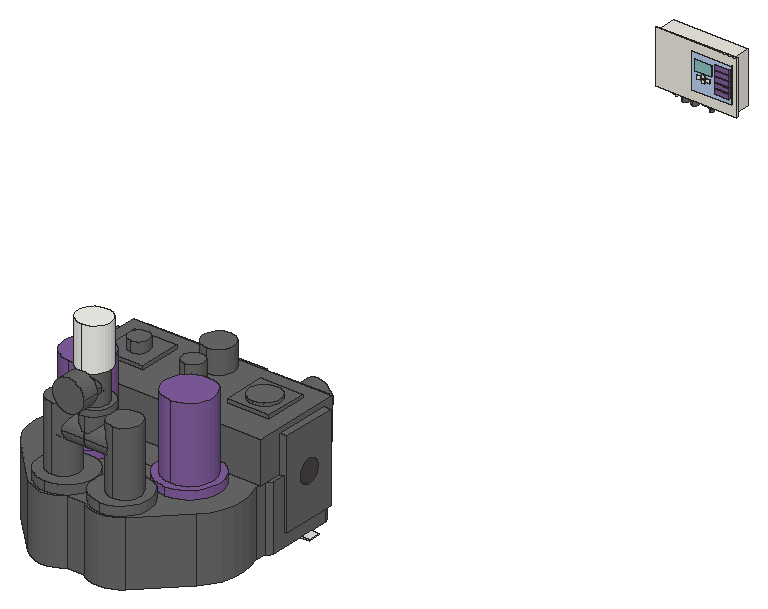
Revit family "28629-c", category Generic Models, Revit 2021
Family settings
  Can host rebar = No
  Round Connector Dimension = Use Diameter
  Part Type = Normal
  Work Plane-Based = No
  Always vertical = Yes
  Cut with Voids When Loaded = No
  Shared = Yes
  Room Calculation Point = No
Parameters (values of type "28629-C")
  SUPPLIER = "KESSEL"
  SA700ID50 = "intern"
  SA700ID49 = "Protection Class I"
  SA700ID48 = "no"
  SA700ID47 = "no"
  SA700ID46 = "yes"
  SA700ID37 = 7000 mm
  SA700ID34 = 38
  SA700ID33 = 1.6 W
  SA700ID32 = 82.00 kg
  SA700ID31 = 1
  SA700ID30 = 2
  SA700ID29 = "RWDR"
  SA700ID21 = 700
  SA700ID10 = "No"
  SA700ID08 = 230 V
  PROCUREWEBLINK = "https://p.caden.as/kessel/28629-C"
  PROCURELINK = "p.caden.as/kessel/28629-C"
  PROCUREDATALASTUPDATE = "2024-05-22T12:17:38.139643796+01:00"
  PRC_SPECIFICATIONLINK = "https://ausschreiben.de/catalog/kessel/catalogItem/acb13c7c-ece4-4828-b82b-6affd5f2e5dd"
  NN = "Lifting station Aqualift F"
  NBSYN = "$SA810ID03."
  NB = "28629-C"
  Model = "28629-C"
  Manufacturer = "KESSEL"
  MIdent = "{$CADENAS_DATA/23d-libs/kessel/kessel_vdi_import/4/entwaesserung/hebeanlage20aqualift20f.prj},202 {STYP=ASS},{VTYP=3D},{NB=28629-C},{LINA=28629-C},{NN=Lifting station Aqualift F},{DATE=21.11.2022 10:45:45},{GEOMDATE=21.11.2022 10:45:45},{VERSION=},{LINEID=160},{WBVAR=LODLEVEL},{WBNUMERIC=LODLEVEL}  {NB=28629-C},{LINA=28629-C},{KT=DUMMY},{PREVIEW=../../bilder/ksb_w_28629c.png},{SA700ID04=Hebeanlage Aqualift F Duo, Comfort, SPF 1400-S3, Schieber},{SA810ID06=04026092058503},{SA700ID34=38.00},{SA010ID03=201805},{SA810ID03=28629-C},{SA810ID10=Die Hebeanlage für fäkalienhaltiges und fäkalienfreies Abwasser ist mit zwei überflutbaren Pumpen sowie einem Rückflussverhinderer ausgestattet. Der Sammelbehälter aus dauerhaft beständigem Kunststoff (PE) bietet universale Anschlussmöglichkeiten und hat eine verschraubte Reinigungsöffnung.Die Steuerung erfolgt durch ein anwenderfreundliches Schaltgerät, das optional über einen potentialfreien Kontakt in die Gebäudeleittechnik eingebunden werden oder Alarm- und Sammelstörmeldungen über eine GSM-Schnittstelle (Comfort Schaltgerät) ausgeben kann.Ausführung:Absperreinrichtung: Schieber aus KunststoffAnlagenart: DoppelanlagePumpensteuerung: SchaltgerätRückflussverhinderer: integriertSchalldämmmatte: jaEinbausituation: freie AufstellungAbwasserart: fäkalienhaltigAllgemeine Merkmale:Farbe: schwarzNorm: EN 12050-1Abmessungen:Länge: 773 mmBreite: 780 mmHöhe: 788 mmBehälter/Grundkörper:Zulauf Anzahl: 2 STZulauf Nennweite (DN): 100 mmZulauf Nennweite (DA): 110 mmZulauf max. Anbohrung (DN): 150 mmAbstand Rohrsohle Zulauf zu Behälterboden: 245 mmAbstand Rohrmitte Auslauf zu Behälterboden: 590 mmAbstand Rohrmitte Zulauf zu Behälterboden: 300 mmAnschluss für Handmembranpumpe (DN): 32Behältervolumen: 120 lDruckabgang: waagerechtDruckabgang (DA): 110 mmDruckabgang (DN): 100 mmEntlüftungsanschluss (DN): 70 mmNutzvolumen: 50 lFreier Kugeldurchgang: 40 mmFördereinrichtung:Pumpe: SPF 1400Anzahl Pumpen: 2Förderhöhe max.: 7 mFörderleistung max.: 38 m3/hBetriebsart: S3 - 50 %Leistung P1: 1,6 kWLeistung P2: 1,1 kWDrehzahl: 1.370 U/minFörderguttemperatur (dauerhaft) max.: 40 °CAnschlusstyp: codierter SteckerGewicht: 25 kgLaufrad Typ: FreistromradLänge Netzanschlussleitung Pumpe: 5 mNennstrom: 7,3 ASchutzart Pumpe: IP 68 (3m/48h)Schutzklasse: ITyp Anschlussleitung Pumpe: H07RN-F 3G 1,0 mm2Temperaturüberwachung: integriertSteuerung:Schaltgerät: ComfortBetriebsspannung: 230 VNetzfrequenz: 50 HzSelbstdiagnosesystem (SDS): jaBatteriepufferung: jaMehrzeilige Displayanzeige: jaLogbuchfunktion: jaUSB-Schnittstelle: jaGSM-Schnittstelle: jaPotentialfreier Kontakt: optionalErforderliche Absicherung (Leitungsschutz): C 16 ASchutzart Schaltgerät: IP 54Länge Netzanschlussleitung Schaltgerät: 1,4 mArt Niveauerfassung: pneumatischInstrument Niveauerfassung: Tauchrohr mit DruckwächterAlarmgeber: Tauchrohr},{SA700ID37=7.00},{SA700ID33=1.60},{SA700ID08=230},{SA700ID30=2},{SA700ID32=82.00},{SA700ID49=Schutzklasse I},{SA700ID50=intern},{SA200ID03=6},{SA250ID03=vertikal},{SA260ID03=Trockenläuferpumpe},{SA350ID03=normalansaugend},{SA400ID03=E-Motor für Wechselstrom},{SA460ID03=direkt},{SA500ID03=Kunststoff, Edelstahl},{SA700ID06=100},{SA700ID07=100},{SA700ID09=1/N/PE 230V},{SA700ID10=Nein},{SA700ID11=50},{SA700ID12=IP 68},{SA700ID13=F},{SA700ID15=40},{SA700ID21=700.00},{SA700ID22=1.10},{SA700ID23=1370},{SA700ID24=1370},{SA700ID26=7.30},{SA700ID27=23.00},{SA700ID28=durchgehend},{SA700ID29=RWDR},{SA700ID31=1},{SA700ID46=ja},{SA700ID47=nein},{SA700ID48=nein},{SA110ID04=Hebeanlage Aqualift F},{SA300ID03=einstufig},{SA700ID44=10.00},{SA700ID45=10.00},{SA010ID04=KESSEL AG},{LODLEVEL=200},{LINK=https://www.kessel.de/info?han=28629-C},{SA970ID01=970},{SA970ID02=7062},{SA970ID03=28629-C},{SA970ID04=11002617},{SA970ID05=QUAD},{SA970ID06=-409.9898987},{SA970ID07=-686},{SA970ID08=0},{SA970ID09=1},{SA970ID10=0},{SA970ID11=0},{SA970ID12=0},{SA970ID13=1},{SA970ID14=0},{SA970ID15=819.98999},{SA970ID16=851},{SA970ID17=798.98999},{LODLEVEL_=200,'Low'},{LODLEVEL_DEU=200,'Low'},{LINK_=https://www.kessel.de/info?han=28629-C},{LINK_DEU=https://www.kessel.de/info?han=28629-C},{LODLEVEL_3DB=28629-C_200},{DNIN1=100},{DNIN2=70},{DNIN3=10},{DNIN4=10},{DNIN5=10},{DNIN6=50},{DNIN7=50},{DNIN8=50},{DNIN9=50},{DNOUT1=100},{DNOUT2=70},{DNOUT3=32},{ISDIN1=75},{ISDIN2=83.200},{ISDIN3=10},{ISDOUT1=60.000},{ISDOUT2=73.200},{ISDOUT3=75},{SA010ID01=010},{SA010ID02=4},{SA010ID06=www.kessel.de},{SA010ID07=www.kessel.de},{SA010ID12=20180713},{SA010ID13=DEU},{SA010ID14=DE},{SA100ID01=100},{SA100ID02=4},{SA100ID04=Entwässerung},{SA110ID01=110},{SA110ID02=4},{SA200ID01=200},{SA200ID02=6},{SA250ID01=250},{SA250ID02=2},{SA260ID01=260},{SA260ID02=2},{SA300ID01=300},{SA300ID02=1},{SA350ID01=350},{SA350ID02=1},{SA400ID01=400},{SA400ID02=1},{SA460ID01=460},{SA460ID02=1},{SA500ID01=500},{SA500ID02=1},{SA700ID01=700},{SA700ID02=28},{SA700ID10_=0},{SA700ID16=0},{SA700ID25=0},{SA700ID46_=1},{SA700ID47_=0},{SA700ID48_=0},{SA700ID49_=1},{SA700ID50_=2},{SA800ID01=800},{SA800ID02=28},{SA810ID01=810},{SA810ID02=28},{SA810ID04=28629-C},{SA810ID07=28},{SA810ID09=1},{SA810ID14=PCE},{SA810ID15=1},{SA810ID16=NMP},{SA960ID03=28},{SA960ID04=3L},{SA960ID08=https://www.kessel.de/info?han=28629-C},{SA010ID08=4026092000007},{SA100ID05=Hebeanlage},{SA110ID06=Hebeanlage}"
  LINK = "https://www.kessel.de/info?han=28629-C"
  LINA = "28629-C"
  Default Elevation = 0 mm
  CREATOR = "CADENAS GmbH"
  CATALOG = "KESSEL"
  BOMINFO = "LINA"
  ARTICLENO = "NB"
  4.810.00.9 Order quantity (multiplicator) = "1"
  4.810.00.7 Media- connection number = "28"
  4.810.00.6 GTIN number = "04026092058503"
  4.810.00.4 DATANORM number = "28629-C"
  4.810.00.3 Producer order number = "28629-C"
  4.710.03.7 Mass (net) = 82.00 kg
  4.710.03.6 Height = 788 mm
  4.710.03.5 Width = 780 mm
  4.710.03.4 Length = 773 mm
  4.710.03.3 Type of dimensions = "2"
  4.710.02.8 Area of application of wastewater pump = "1"
  4.710.02.7 Art des S2/S3-Betriebs = "50 %"
  4.710.02.6 Duty type = "S3"
  4.710.02.5 Cutting device = "0"
  4.710.02.4 Attached pump control = "1"
  4.710.02.3 Free passage = 40 mm
  4.710.01.6 Option to connect to building automation = "40"
  4.710.01.5 Load regulation = "0"
  4.710.01.4 Designation of closed-loop control = "50"
  4.710.01.3 Identifier for closed-loop control = "120"
  4.700.00.9 Voltage = 0
  4.700.00.8 Nominal connection size on suction side = "100"
  4.700.00.7 Nominal connection size on pressure side = "100"
  4.700.00.6 Type of connection = "100"
  4.700.00.4 Product indentification = "Hebeanlage Aqualift F Duo, Comfort, SPF 1400-S3, Schieber"
  4.700.00.28 Motor pump shaft = "durchgehend"
  4.700.00.27 Starting current = 23
  4.700.00.26 Maximum power consumption per pump / drive = 7.3
  4.700.00.25 Minimum speed at internal speed adjustment = 0
  4.700.00.24 Nominal speed / maximum speed n = 22.8333
  4.700.00.23 Nominal speed of motor = 22.8333
  4.700.00.22 Maximum shaft output (P2) per pump/drive = 1.1 W
  4.700.00.16 Maximum temperature of pumped medium = 0 °C
  4.700.00.15 Increased safety class = "40 °C"
  4.700.00.13 Type of protection = "F"
  4.700.00.12 Frequency = 0
  4.700.00.11 Stern-/Dreieck-Anlaufschaltung bei Dreiphasenanschluss oder Drehstrom = "50 Hz"
  4.700.00.10 Phase = "0"
  4.500.00.3 Variant / Variant type / Accessories-name = "Kunststoff, Edelstahl"
  4.460.00.3 Variant / Variant type / Accessories-name = "direkt"
  4.400.00.3 Variant / Variant type / Accessories-name = "E-Motor für Wechselstrom"
  4.350.00.3 Variant / Variant type / Accessories-name = "normalansaugend"
  4.300.00.3 Variant / Variant type / Accessories-name = "einstufig"
  4.260.00.3 Variant / Variant type / Accessories-name = "Trockenläuferpumpe"
  4.250.00.3 Variant / Variant type / Accessories-name = "vertikal"
  4.200.00.3 Variant / Variant type / Accessories-name = "6"
  4.110.00.6 Product classification = "Hebeanlage"
  4.110.00.4 Product indentification = "Hebeanlage Aqualift F"
  4.100.00.5 Main groups of wares = "Hebeanlage"
  4.100.00.4 Product indentification = "Entwässerung"
  4.010.00.8 Producer ID number = "4026092000007"
  4.010.00.7 Comment = "www.kessel.de"
  4.010.00.6 Web address of the manufacturer = "www.kessel.de"
  4.010.00.4 Manufacturer name = "KESSEL AG"
  4.010.00.3 Date of issuance (month) of guideline = "201805"
  4.010.00.2 Sheet number of the guideline = "4"
  4.010.00.14 Kennungen der Projektländer, für die die Datei gültig ist = "DE"
  4.010.00.13 Sprache der Datei = "DEU"
  4.010.00.12 Stand des Herstellerkatalogs = "20180713"
Reference planes
  plane 1 "Center (Front/Back)": y = 0
  plane 2: z = 0
  plane 3 "Center (Left/Right)": x = 0
Dimensions and locks
  aligned and locked: level to plane 2
Nested families
  nested 1: "28629-c_content" at (0, 0, 0), type "28629-C_Content"
  nested 2: "28629-c_part1_X0Y0" at (1000, 1000, 1200), type "28629-C_PART1_X0Y0"
  nested 3: "28629-c_part2_X0Y0" at (0, 0, 0), type "28629-C_PART2_X0Y0"
Connectors
  electrical at (896, 972.5, 1160.5)
    settings: on nested 2, index 1, voltage 230 V, apparent load 0 VA, apparent load phase1 0 VA, apparent load phase2 0 VA, apparent load phase3 0 VA, power factor 1, load classification "Other", number of poles 3, system type 31, power factor state 1, is connector primary yes, connector utility no, sub classification motor no, connector description ""
  electrical at (930, 972.5, 1157.9)
    settings: on nested 2, index 2, voltage 0 V, apparent load 0 VA, apparent load phase1 0 VA, apparent load phase2 0 VA, apparent load phase3 0 VA, power factor 1, load classification "Other", number of poles 1, system type 31, power factor state 1, is connector primary no, connector utility no, sub classification motor no, connector description ""
  electrical at (964, 972.5, 1157.9)
    settings: on nested 2, index 3, voltage 0 V, apparent load 0 VA, apparent load phase1 0 VA, apparent load phase2 0 VA, apparent load phase3 0 VA, power factor 1, load classification "Other", number of poles 1, system type 31, power factor state 1, is connector primary no, connector utility no, sub classification motor no, connector description ""
  electrical at (1002, 972.5, 1170.2)
    settings: on nested 2, index 4, voltage 0 V, apparent load 0 VA, apparent load phase1 0 VA, apparent load phase2 0 VA, apparent load phase3 0 VA, power factor 1, load classification "Other", number of poles 1, system type 31, power factor state 1, is connector primary no, connector utility no, sub classification motor no, connector description ""
  electrical at (1026, 972.5, 1155.55)
    settings: on nested 2, index 5, voltage 0 V, apparent load 0 VA, apparent load phase1 0 VA, apparent load phase2 0 VA, apparent load phase3 0 VA, power factor 1, load classification "Other", number of poles 1, system type 31, power factor state 1, is connector primary no, connector utility no, sub classification motor no, connector description ""
  electrical at (1054, 972.5, 1198.5)
    settings: on nested 2, index 6, voltage 0 V, apparent load 0 VA, apparent load phase1 0 VA, apparent load phase2 0 VA, apparent load phase3 0 VA, power factor 1, load classification "Other", number of poles 1, system type 31, power factor state 1, is connector primary no, connector utility no, sub classification motor no, connector description ""
  electrical at (1082, 972.5, 1198.5)
    settings: on nested 2, index 7, voltage 0 V, apparent load 0 VA, apparent load phase1 0 VA, apparent load phase2 0 VA, apparent load phase3 0 VA, power factor 1, load classification "Other", number of poles 1, system type 31, power factor state 1, is connector primary no, connector utility no, sub classification motor no, connector description ""
  piping at (230, 164.99, 301), diameter 100
    settings: on nested 3, index 8, connector inside diameter 609.6 mm, connector length 0 mm, flow factor 0, pipe flow 0.0 L/s, pressure drop 0.0 Pa, fitting loss kfactor 0, connector angle 0.00°, fixture units 0, engagement length 0 mm, angle of deflection 0.00°, flow configuration 0, flow direction 1, fitting loss method 2, system type 29, joint type 0, gender type 0, connector reference index -1, connector utility 0, adjustable connector no, is connector primary yes, connector description ""
  piping at (0, 0, 471), diameter 100
    settings: on nested 3, index 9, connector inside diameter 609.6 mm, connector length 0 mm, flow factor 0, pipe flow 0.0 L/s, pressure drop 0.0 Pa, fitting loss kfactor 0, connector angle 0.00°, fixture units 0, engagement length 0 mm, angle of deflection 0.00°, flow configuration 0, flow direction 1, fitting loss method 2, system type 29, joint type 0, gender type 0, connector reference index -1, connector utility 0, adjustable connector no, is connector primary no, connector description ""
  piping at (391.5, -74.999, 214), diameter 70
    settings: on nested 3, index 10, connector inside diameter 609.6 mm, connector length 0 mm, flow factor 0, pipe flow 0.0 L/s, pressure drop 0.0 Pa, fitting loss kfactor 0, connector angle 0.00°, fixture units 0, engagement length 0 mm, angle of deflection 0.00°, flow configuration 0, flow direction 0, fitting loss method 2, system type 29, joint type 0, gender type 0, connector reference index -1, connector utility 0, adjustable connector no, is connector primary no, connector description ""
  piping at (0.999, 96.5, 214), diameter 70
    settings: on nested 3, index 11, connector inside diameter 609.6 mm, connector length 0 mm, flow factor 0, pipe flow 0.0 L/s, pressure drop 0.0 Pa, fitting loss kfactor 0, connector angle 0.00°, fixture units 0, engagement length 0 mm, angle of deflection 0.00°, flow configuration 0, flow direction 0, fitting loss method 2, system type 29, joint type 0, gender type 0, connector reference index -1, connector utility 0, adjustable connector no, is connector primary no, connector description ""
  piping at (-230.25, 91.49, 214), diameter 70
    settings: on nested 3, index 12, connector inside diameter 609.6 mm, connector length 0 mm, flow factor 0, pipe flow 0.0 L/s, pressure drop 0.0 Pa, fitting loss kfactor 0, connector angle 0.00°, fixture units 0, engagement length 0 mm, angle of deflection 0.00°, flow configuration 0, flow direction 0, fitting loss method 2, system type 29, joint type 0, gender type 0, connector reference index -1, connector utility 0, adjustable connector no, is connector primary no, connector description ""
  piping at (-391.5, -75, 214), diameter 70
    settings: on nested 3, index 13, connector inside diameter 609.6 mm, connector length 0 mm, flow factor 0, pipe flow 0.0 L/s, pressure drop 0.0 Pa, fitting loss kfactor 0, connector angle 0.00°, fixture units 0, engagement length 0 mm, angle of deflection 0.00°, flow configuration 0, flow direction 0, fitting loss method 2, system type 29, joint type 0, gender type 0, connector reference index -1, connector utility 0, adjustable connector no, is connector primary no, connector description ""
  piping at (0, -115, 461), diameter 70
    settings: on nested 3, index 14, connector inside diameter 609.6 mm, connector length 0 mm, flow factor 0, pipe flow 0.0 L/s, pressure drop 0.0 Pa, fitting loss kfactor 0, connector angle 0.00°, fixture units 0, engagement length 0 mm, angle of deflection 0.00°, flow configuration 0, flow direction 2, fitting loss method 2, system type 29, joint type 0, gender type 0, connector reference index -1, connector utility 0, adjustable connector no, is connector primary no, connector description ""
  piping at (0, -686, 591), diameter 100
    settings: on nested 3, index 15, connector inside diameter 609.6 mm, connector length 0 mm, flow factor 0, pipe flow 0.0 L/s, pressure drop 0.0 Pa, fitting loss kfactor 0, connector angle 0.00°, fixture units 0, engagement length 0 mm, angle of deflection 0.00°, flow configuration 0, flow direction 2, fitting loss method 2, system type 29, joint type 0, gender type 0, connector reference index -1, connector utility 0, adjustable connector no, is connector primary no, connector description ""
  piping at (230, 164.99, 81.07), diameter 32
    settings: on nested 3, index 16, connector inside diameter 609.6 mm, connector length 0 mm, flow factor 0, pipe flow 0.0 L/s, pressure drop 0.0 Pa, fitting loss kfactor 0, connector angle 0.00°, fixture units 0, engagement length 0 mm, angle of deflection 0.00°, flow configuration 0, flow direction 2, fitting loss method 2, system type 29, joint type 0, gender type 0, connector reference index -1, connector utility 0, adjustable connector no, is connector primary no, connector description ""
  electrical at (185, -365, 537)
    settings: on nested 3, index 17, voltage 0 V, apparent load 0 VA, apparent load phase1 0 VA, apparent load phase2 0 VA, apparent load phase3 0 VA, power factor 1, load classification "Other", number of poles 1, system type 31, power factor state 1, is connector primary no, connector utility no, sub classification motor no, connector description ""
  electrical at (-185, -364.75, 537)
    settings: on nested 3, index 18, voltage 0 V, apparent load 0 VA, apparent load phase1 0 VA, apparent load phase2 0 VA, apparent load phase3 0 VA, power factor 1, load classification "Other", number of poles 1, system type 31, power factor state 1, is connector primary no, connector utility no, sub classification motor no, connector description ""
  electrical at (-230.6, -74.8, 436.49)
    settings: on nested 3, index 19, voltage 0 V, apparent load 0 VA, apparent load phase1 0 VA, apparent load phase2 0 VA, apparent load phase3 0 VA, power factor 1, load classification "Other", number of poles 1, system type 31, power factor state 1, is connector primary no, connector utility no, sub classification motor no, connector description ""
Definition of nested family "28629-c_part1_X0Y0"
  Parameters (values of type "28629-C_PART1_X0Y0")
    SUPPLIER = "KESSEL"
    SA700ID50 = "intern"
    SA700ID49 = "Protection Class I"
    SA700ID48 = "no"
    SA700ID47 = "no"
    SA700ID46 = "yes"
    SA700ID37 = 7000 mm
    SA700ID34 = 38
    SA700ID33 = 1.6 W
    SA700ID32 = 82.00 kg
    SA700ID31 = 1
    SA700ID30 = 2
    SA700ID29 = "RWDR"
    SA700ID21 = 700
    SA700ID10 = "No"
    SA700ID08 = 230 V
    NBSYN = "$SA810ID03._PART1"
    NB = "28629-C_PART1"
    Model = "28629-C_PART1"
    Manufacturer = "KESSEL"
    MIdent = "{$CADENAS_DATA/23d-libs/kessel/kessel_vdi_import/4/entwaesserung/hebeanlage20aqualift20f.prj},222 {VTYP=3D},{NB=28629-C_PART1},{LINA=28629-C_PART1},{NN=Lifting station Aqualift F_PART1},{NOPRJ=TRUE},{DATE=21.11.2022 10:45:45},{GEOMDATE=21.11.2022 10:45:45},{VERSION=},{LINEID=160},{WBVAR=LODLEVEL},{WBNUMERIC=LODLEVEL}  {NB=28629-C_PART1},{LINA=28629-C_PART1},{KT=DUMMY},{PREVIEW=../../bilder/ksb_w_28629c.png},{SA700ID04=Hebeanlage Aqualift F Duo, Comfort, SPF 1400-S3, Schieber},{SA810ID06=04026092058503},{SA700ID34=38.00},{SA010ID03=201805},{SA810ID03=28629-C},{SA810ID10=Die Hebeanlage für fäkalienhaltiges und fäkalienfreies Abwasser ist mit zwei überflutbaren Pumpen sowie einem Rückflussverhinderer ausgestattet. Der Sammelbehälter aus dauerhaft beständigem Kunststoff (PE) bietet universale Anschlussmöglichkeiten und hat eine verschraubte Reinigungsöffnung.Die Steuerung erfolgt durch ein anwenderfreundliches Schaltgerät, das optional über einen potentialfreien Kontakt in die Gebäudeleittechnik eingebunden werden oder Alarm- und Sammelstörmeldungen über eine GSM-Schnittstelle (Comfort Schaltgerät) ausgeben kann.Ausführung:Absperreinrichtung: Schieber aus KunststoffAnlagenart: DoppelanlagePumpensteuerung: SchaltgerätRückflussverhinderer: integriertSchalldämmmatte: jaEinbausituation: freie AufstellungAbwasserart: fäkalienhaltigAllgemeine Merkmale:Farbe: schwarzNorm: EN 12050-1Abmessungen:Länge: 773 mmBreite: 780 mmHöhe: 788 mmBehälter/Grundkörper:Zulauf Anzahl: 2 STZulauf Nennweite (DN): 100 mmZulauf Nennweite (DA): 110 mmZulauf max. Anbohrung (DN): 150 mmAbstand Rohrsohle Zulauf zu Behälterboden: 245 mmAbstand Rohrmitte Auslauf zu Behälterboden: 590 mmAbstand Rohrmitte Zulauf zu Behälterboden: 300 mmAnschluss für Handmembranpumpe (DN): 32Behältervolumen: 120 lDruckabgang: waagerechtDruckabgang (DA): 110 mmDruckabgang (DN): 100 mmEntlüftungsanschluss (DN): 70 mmNutzvolumen: 50 lFreier Kugeldurchgang: 40 mmFördereinrichtung:Pumpe: SPF 1400Anzahl Pumpen: 2Förderhöhe max.: 7 mFörderleistung max.: 38 m3/hBetriebsart: S3 - 50 %Leistung P1: 1,6 kWLeistung P2: 1,1 kWDrehzahl: 1.370 U/minFörderguttemperatur (dauerhaft) max.: 40 °CAnschlusstyp: codierter SteckerGewicht: 25 kgLaufrad Typ: FreistromradLänge Netzanschlussleitung Pumpe: 5 mNennstrom: 7,3 ASchutzart Pumpe: IP 68 (3m/48h)Schutzklasse: ITyp Anschlussleitung Pumpe: H07RN-F 3G 1,0 mm2Temperaturüberwachung: integriertSteuerung:Schaltgerät: ComfortBetriebsspannung: 230 VNetzfrequenz: 50 HzSelbstdiagnosesystem (SDS): jaBatteriepufferung: jaMehrzeilige Displayanzeige: jaLogbuchfunktion: jaUSB-Schnittstelle: jaGSM-Schnittstelle: jaPotentialfreier Kontakt: optionalErforderliche Absicherung (Leitungsschutz): C 16 ASchutzart Schaltgerät: IP 54Länge Netzanschlussleitung Schaltgerät: 1,4 mArt Niveauerfassung: pneumatischInstrument Niveauerfassung: Tauchrohr mit DruckwächterAlarmgeber: Tauchrohr},{SA700ID37=7.00},{SA700ID33=1.60},{SA700ID08=230},{SA700ID30=2},{SA700ID32=82.00},{SA700ID49=Schutzklasse I},{SA700ID50=intern},{SA200ID03=6},{SA250ID03=vertikal},{SA260ID03=Trockenläuferpumpe},{SA350ID03=normalansaugend},{SA400ID03=E-Motor für Wechselstrom},{SA460ID03=direkt},{SA500ID03=Kunststoff, Edelstahl},{SA700ID06=100},{SA700ID07=100},{SA700ID09=1/N/PE 230V},{SA700ID10=Nein},{SA700ID11=50},{SA700ID12=IP 68},{SA700ID13=F},{SA700ID15=40},{SA700ID21=700.00},{SA700ID22=1.10},{SA700ID23=1370},{SA700ID24=1370},{SA700ID26=7.30},{SA700ID27=23.00},{SA700ID28=durchgehend},{SA700ID29=RWDR},{SA700ID31=1},{SA700ID46=ja},{SA700ID47=nein},{SA700ID48=nein},{SA110ID04=Hebeanlage Aqualift F},{SA300ID03=einstufig},{SA700ID44=10.00},{SA700ID45=10.00},{SA010ID04=KESSEL AG},{LODLEVEL=200},{LINK=https://www.kessel.de/info?han=28629-C},{SA970ID01=970},{SA970ID02=7062},{SA970ID03=28629-C},{SA970ID04=11002617},{SA970ID05=QUAD},{SA970ID06=-409.9898987},{SA970ID07=-686},{SA970ID08=0},{SA970ID09=1},{SA970ID10=0},{SA970ID11=0},{SA970ID12=0},{SA970ID13=1},{SA970ID14=0},{SA970ID15=819.98999},{SA970ID16=851},{SA970ID17=798.98999},{LODLEVEL_=200,'Low'},{LODLEVEL_DEU=200,'Low'},{LINK_=https://www.kessel.de/info?han=28629-C},{LINK_DEU=https://www.kessel.de/info?han=28629-C},{LODLEVEL_3DB=28629-C_200},{DNIN1=100},{DNIN2=70},{DNIN3=10},{DNIN4=10},{DNIN5=10},{DNIN6=50},{DNIN7=50},{DNIN8=50},{DNIN9=50},{DNOUT1=100},{DNOUT2=70},{DNOUT3=32},{ISDIN1=75},{ISDIN2=83.200},{ISDIN3=10},{ISDOUT1=60.000},{ISDOUT2=73.200},{ISDOUT3=75},{SA010ID01=010},{SA010ID02=4},{SA010ID06=www.kessel.de},{SA010ID07=www.kessel.de},{SA010ID12=20180713},{SA010ID13=DEU},{SA010ID14=DE},{SA100ID01=100},{SA100ID02=4},{SA100ID04=Entwässerung},{SA110ID01=110},{SA110ID02=4},{SA200ID01=200},{SA200ID02=6},{SA250ID01=250},{SA250ID02=2},{SA260ID01=260},{SA260ID02=2},{SA300ID01=300},{SA300ID02=1},{SA350ID01=350},{SA350ID02=1},{SA400ID01=400},{SA400ID02=1},{SA460ID01=460},{SA460ID02=1},{SA500ID01=500},{SA500ID02=1},{SA700ID01=700},{SA700ID02=28},{SA700ID10_=0},{SA700ID16=0},{SA700ID25=0},{SA700ID46_=1},{SA700ID47_=0},{SA700ID48_=0},{SA700ID49_=1},{SA700ID50_=2},{SA800ID01=800},{SA800ID02=28},{SA810ID01=810},{SA810ID02=28},{SA810ID04=28629-C},{SA810ID07=28},{SA810ID09=1},{SA810ID14=PCE},{SA810ID15=1},{SA810ID16=NMP},{SA960ID03=28},{SA960ID04=3L},{SA960ID08=https://www.kessel.de/info?han=28629-C},{SA010ID08=4026092000007},{SA100ID05=Hebeanlage},{SA110ID06=Hebeanlage}"
    LINK = "https://www.kessel.de/info?han=28629-C"
    LINA = "28629-C_PART1"
    Default Elevation = 1219.2 mm
    CREATOR = "CADENAS GmbH"
    CATALOG = "KESSEL"
    BOMINFO = "LINA"
    ARTICLENO = "NB"
    4.810.00.9 Order quantity (multiplicator) = "1"
    4.810.00.7 Media- connection number = "28"
    4.810.00.6 GTIN number = "04026092058503"
    4.810.00.4 DATANORM number = "28629-C"
    4.810.00.3 Producer order number = "28629-C"
    4.710.03.7 Mass (net) = 82.00 kg
    4.710.03.6 Height = 788 mm
    4.710.03.5 Width = 780 mm
    4.710.03.4 Length = 773 mm
    4.710.03.3 Type of dimensions = "2"
    4.710.02.8 Area of application of wastewater pump = "1"
    4.710.02.7 Art des S2/S3-Betriebs = "50 %"
    4.710.02.6 Duty type = "S3"
    4.710.02.5 Cutting device = "0"
    4.710.02.4 Attached pump control = "1"
    4.710.02.3 Free passage = 40 mm
    4.710.01.6 Option to connect to building automation = "40"
    4.710.01.5 Load regulation = "0"
    4.710.01.4 Designation of closed-loop control = "50"
    4.710.01.3 Identifier for closed-loop control = "120"
    4.700.00.9 Voltage = 0
    4.700.00.8 Nominal connection size on suction side = "100"
    4.700.00.7 Nominal connection size on pressure side = "100"
    4.700.00.6 Type of connection = "100"
    4.700.00.4 Product indentification = "Hebeanlage Aqualift F Duo, Comfort, SPF 1400-S3, Schieber"
    4.700.00.28 Motor pump shaft = "durchgehend"
    4.700.00.27 Starting current = 23
    4.700.00.26 Maximum power consumption per pump / drive = 7.3
    4.700.00.25 Minimum speed at internal speed adjustment = 0
    4.700.00.24 Nominal speed / maximum speed n = 22.8333
    4.700.00.23 Nominal speed of motor = 22.8333
    4.700.00.22 Maximum shaft output (P2) per pump/drive = 1.1 W
    4.700.00.16 Maximum temperature of pumped medium = 0 °C
    4.700.00.15 Increased safety class = "40 °C"
    4.700.00.13 Type of protection = "F"
    4.700.00.12 Frequency = 0
    4.700.00.11 Stern-/Dreieck-Anlaufschaltung bei Dreiphasenanschluss oder Drehstrom = "50 Hz"
    4.700.00.10 Phase = "0"
    4.500.00.3 Variant / Variant type / Accessories-name = "Kunststoff, Edelstahl"
    4.460.00.3 Variant / Variant type / Accessories-name = "direkt"
    4.400.00.3 Variant / Variant type / Accessories-name = "E-Motor für Wechselstrom"
    4.350.00.3 Variant / Variant type / Accessories-name = "normalansaugend"
    4.300.00.3 Variant / Variant type / Accessories-name = "einstufig"
    4.260.00.3 Variant / Variant type / Accessories-name = "Trockenläuferpumpe"
    4.250.00.3 Variant / Variant type / Accessories-name = "vertikal"
    4.200.00.3 Variant / Variant type / Accessories-name = "6"
    4.110.00.6 Product classification = "Hebeanlage"
    4.110.00.4 Product indentification = "Hebeanlage Aqualift F"
    4.100.00.5 Main groups of wares = "Hebeanlage"
    4.100.00.4 Product indentification = "Entwässerung"
    4.010.00.8 Producer ID number = "4026092000007"
    4.010.00.7 Comment = "www.kessel.de"
    4.010.00.6 Web address of the manufacturer = "www.kessel.de"
    4.010.00.4 Manufacturer name = "KESSEL AG"
    4.010.00.3 Date of issuance (month) of guideline = "201805"
    4.010.00.2 Sheet number of the guideline = "4"
    4.010.00.14 Kennungen der Projektländer, für die die Datei gültig ist = "DE"
    4.010.00.13 Sprache der Datei = "DEU"
    4.010.00.12 Stand des Herstellerkatalogs = "20180713"
  Reference planes
    plane 1 "Center (Front/Back)": y = 0
    plane 2: z = 0
    plane 3 "Center (Left/Right)": x = 0
  Dimensions and locks
    aligned and locked: level to plane 2
  Nested families
    nested 1: "28629-c_part1_content" at (0, 0, 0), type "28629-C_PART1_Content"
  Definition of nested family "28629-c_part1_content"
    Parameters (values of type "28629-C_PART1_Content")
      SUPPLIER = "KESSEL"
      SA700ID50 = "intern"
      SA700ID49 = "Protection Class I"
      SA700ID48 = "no"
      SA700ID47 = "no"
      SA700ID46 = "yes"
      SA700ID37 = 7000 mm
      SA700ID34 = 38
      SA700ID33 = 1.6 W
      SA700ID32 = 82.00 kg
      SA700ID31 = 1
      SA700ID30 = 2
      SA700ID29 = "RWDR"
      SA700ID21 = 700
      SA700ID10 = "No"
      SA700ID08 = 230 V
      NBSYN = "$SA810ID03._PART1"
      NB = "28629-C_PART1"
      Model = "28629-C_PART1"
      Manufacturer = "KESSEL"
      LINK = "https://www.kessel.de/info?han=28629-C"
      LINA = "28629-C_PART1"
      Default Elevation = 1219.2 mm
      CREATOR = "CADENAS GmbH"
      CATALOG = "KESSEL"
      BOMINFO = "LINA"
      ARTICLENO = "NB"
      4.810.00.9 Order quantity (multiplicator) = "1"
      4.810.00.7 Media- connection number = "28"
      4.810.00.6 GTIN number = "04026092058503"
      4.810.00.4 DATANORM number = "28629-C"
      4.810.00.3 Producer order number = "28629-C"
      4.710.03.7 Mass (net) = 82.00 kg
      4.710.03.6 Height = 788 mm
      4.710.03.5 Width = 780 mm
      4.710.03.4 Length = 773 mm
      4.710.03.3 Type of dimensions = "2"
      4.710.02.8 Area of application of wastewater pump = "1"
      4.710.02.7 Art des S2/S3-Betriebs = "50 %"
      4.710.02.6 Duty type = "S3"
      4.710.02.5 Cutting device = "0"
      4.710.02.4 Attached pump control = "1"
      4.710.02.3 Free passage = 40 mm
      4.710.01.6 Option to connect to building automation = "40"
      4.710.01.5 Load regulation = "0"
      4.710.01.4 Designation of closed-loop control = "50"
      4.710.01.3 Identifier for closed-loop control = "120"
      4.700.00.9 Voltage = 0
      4.700.00.8 Nominal connection size on suction side = "100"
      4.700.00.7 Nominal connection size on pressure side = "100"
      4.700.00.6 Type of connection = "100"
      4.700.00.4 Product indentification = "Hebeanlage Aqualift F Duo, Comfort, SPF 1400-S3, Schieber"
      4.700.00.28 Motor pump shaft = "durchgehend"
      4.700.00.27 Starting current = 23
      4.700.00.26 Maximum power consumption per pump / drive = 7.3
      4.700.00.25 Minimum speed at internal speed adjustment = 0
      4.700.00.24 Nominal speed / maximum speed n = 22.8333
      4.700.00.23 Nominal speed of motor = 22.8333
      4.700.00.22 Maximum shaft output (P2) per pump/drive = 1.1 W
      4.700.00.16 Maximum temperature of pumped medium = 0 °C
      4.700.00.15 Increased safety class = "40 °C"
      4.700.00.13 Type of protection = "F"
      4.700.00.12 Frequency = 0
      4.700.00.11 Stern-/Dreieck-Anlaufschaltung bei Dreiphasenanschluss oder Drehstrom = "50 Hz"
      4.700.00.10 Phase = "0"
      4.500.00.3 Variant / Variant type / Accessories-name = "Kunststoff, Edelstahl"
      4.460.00.3 Variant / Variant type / Accessories-name = "direkt"
      4.400.00.3 Variant / Variant type / Accessories-name = "E-Motor für Wechselstrom"
      4.350.00.3 Variant / Variant type / Accessories-name = "normalansaugend"
      4.300.00.3 Variant / Variant type / Accessories-name = "einstufig"
      4.260.00.3 Variant / Variant type / Accessories-name = "Trockenläuferpumpe"
      4.250.00.3 Variant / Variant type / Accessories-name = "vertikal"
      4.200.00.3 Variant / Variant type / Accessories-name = "6"
      4.110.00.6 Product classification = "Hebeanlage"
      4.110.00.4 Product indentification = "Hebeanlage Aqualift F"
      4.100.00.5 Main groups of wares = "Hebeanlage"
      4.100.00.4 Product indentification = "Entwässerung"
      4.010.00.8 Producer ID number = "4026092000007"
      4.010.00.7 Comment = "www.kessel.de"
      4.010.00.6 Web address of the manufacturer = "www.kessel.de"
      4.010.00.4 Manufacturer name = "KESSEL AG"
      4.010.00.3 Date of issuance (month) of guideline = "201805"
      4.010.00.2 Sheet number of the guideline = "4"
      4.010.00.14 Kennungen der Projektländer, für die die Datei gültig ist = "DE"
      4.010.00.13 Sprache der Datei = "DEU"
      4.010.00.12 Stand des Herstellerkatalogs = "20180713"
    Reference planes
      plane 1 "Center (Front/Back)": y = 0
      plane 2: z = 0
      plane 3 "Center (Left/Right)": x = 0
    Forms (mm)
      Extrusion 1, solid, detail levels medium+fine
        sketch origin (49.8, -68, 72.1) x (0, -1, 0) y (0, 0, 1)
          loop
            line (-0.5, 12) -> (-0.5, 0) -> (1, 0) -> (1, 12) -> (-0.5, 12)
        from 0 to 12
      Extrusion 2, solid, detail levels medium+fine
        sketch origin (129.3, -67, 28.2) x (0, -1, 0) y (0, 0, 1)
          loop
            line (-0.5, 127) -> (-0.5, 0) -> (1, 0) -> (1, 127) -> (-0.5, 127)
        from 0 to 146
      Extrusion 3, solid, detail levels medium+fine
        sketch origin (33.3, -68, 80.45) x (0, -1, 0) y (0, 0, 1)
          loop
            line (-0.5, 12) -> (-0.5, 0) -> (1, 0) -> (1, 12) -> (-0.5, 12)
        from 0 to 12
      Extrusion 4, solid, detail levels medium+fine
        sketch origin (33.3, -68, 63.95) x (0, -1, 0) y (0, 0, 1)
          loop
            line (-0.5, 12) -> (-0.5, 0) -> (1, 0) -> (1, 12) -> (-0.5, 12)
        from 0 to 12
      Extrusion 5, solid, detail levels medium+fine
        sketch origin (56.3, -68, 95.45) x (0, -1, 0) y (0, 0, 1)
          loop
            line (-0.5, 37) -> (-0.5, 0) -> (1, 0) -> (1, 37) -> (-0.5, 37)
        from 0 to 60
      Extrusion 6, solid, detail levels medium+fine
        sketch origin (121.8, -68, 85.7) x (0, -1, 0) y (0, 0, 1)
          loop
            line (0, 16) -> (0, 0) -> (2, 0) -> (2, 16) -> (0, 16)
        from 0 to 51
      Extrusion 7, solid, detail levels medium+fine
        sketch origin (121.8, -68, 65.7) x (0, -1, 0) y (0, 0, 1)
          loop
            line (0, 16) -> (0, 0) -> (2, 0) -> (2, 16) -> (0, 16)
        from 0 to 51
      Extrusion 8, solid, detail levels medium+fine
        sketch origin (121.8, -68, 105.7) x (0, -1, 0) y (0, 0, 1)
          loop
            line (0, 16) -> (0, 0) -> (2, 0) -> (2, 16) -> (0, 16)
        from 0 to 51
      Extrusion 9, solid, detail levels medium+fine
        sketch origin (16.8, -68, 72.2) x (0, -1, 0) y (0, 0, 1)
          loop
            line (-0.5, 12) -> (-0.5, 0) -> (1, 0) -> (1, 12) -> (-0.5, 12)
        from 0 to 12
      Extrusion 10, solid, detail levels medium+fine
        sketch origin (121.8, -68, 45.7) x (0, -1, 0) y (0, 0, 1)
          loop
            line (0, 16) -> (0, 0) -> (2, 0) -> (2, 16) -> (0, 16)
        from 0 to 51
      Extrusion 11, solid, detail levels medium+fine
        sketch origin (147, -63.5, -7) x (0, -1, 0) y (0, 0, 1)
          loop
            line (0, 194) -> (0, 0) -> (3.5, 0) -> (3.5, 194) -> (0, 194)
        from 0 to 294
      Extrusion 12, solid, detail levels medium+fine
        sketch origin (136.25, 0, 0) x (0, -1, 0) y (0, 0, 1)
          loop
            line (0, 184) -> (0, 0) -> (63.5, 0) -> (63.5, 184) -> (0, 184)
        from 0 to 272.5
      Extrusion 13, solid, detail levels medium+fine
        sketch origin (121.75, -68, 125.75) x (0, -1, 0) y (0, 0, 1)
          loop
            line (0, 16) -> (0, 0) -> (2, 0) -> (2, 16) -> (0, 16)
        from 0 to 51
      Extrusion 14, solid, detail levels medium+fine
        sketch origin (26, -27.5, 0) x (1, 0, 0) y (0, -1, 0)
          loop
            circle (0, 0) r 11
        from 0 to 11
      Extrusion 15, solid, detail levels medium+fine
        sketch origin (26, -27.5, -11) x (1, 0, 0) y (0, -1, 0)
          loop
            circle (0, 0) r 11
        from 0 to 19.8
      Extrusion 16, solid, detail levels medium+fine
        sketch origin (26, -27.5, -30.7) x (1, 0, 0) y (0, -1, 0)
          loop
            circle (0, 0) r 6
        from 0 to 13.75
      Extrusion 17, solid, detail levels medium+fine
        sketch origin (2, -27.5, 0) x (1, 0, 0) y (0, -1, 0)
          loop
            circle (0, 0) r 11
        from 0 to 20
      Extrusion 18, solid, detail levels medium+fine
        sketch origin (2, -27.5, -20) x (1, 0, 0) y (0, -1, 0)
          loop
            circle (0, 0) r 8.65
        from 0 to 9.8
      Extrusion 19, solid, detail levels medium+fine
        sketch origin (-36, -27.5, 0) x (1, 0, 0) y (0, -1, 0)
          loop
            circle (0, 0) r 12
        from 0 to 15
      Extrusion 20, solid, detail levels medium+fine
        sketch origin (-36, -27.5, -15) x (1, 0, 0) y (0, -1, 0)
          loop
            circle (0, 0) r 11.75
        from 0 to 27.1
      Extrusion 21, solid, detail levels medium+fine
        sketch origin (54, -27.5, 0) x (1, 0, 0) y (0, -1, 0)
          loop
            circle (0, 0) r 10
        from 0 to 1.5
      Extrusion 22, solid, detail levels medium+fine
        sketch origin (-70, -27.5, 0) x (1, 0, 0) y (0, -1, 0)
          loop
            circle (0, 0) r 12
        from 0 to 15
      Extrusion 23, solid, detail levels medium+fine
        sketch origin (-70, -27.5, -15) x (1, 0, 0) y (0, -1, 0)
          loop
            circle (0, 0) r 11.75
        from 0 to 27.1
      Extrusion 24, solid, detail levels medium+fine
        sketch origin (82, -27.5, 0) x (1, 0, 0) y (0, -1, 0)
          loop
            circle (0, 0) r 10
        from 0 to 1.5
      Extrusion 25, solid, detail levels medium+fine
        sketch origin (-104, -27.5, 0) x (1, 0, 0) y (0, -1, 0)
          loop
            circle (0, 0) r 10
        from 0 to 9
      Extrusion 26, solid, detail levels medium+fine
        sketch origin (-104, -27.5, -9) x (1, 0, 0) y (0, -1, 0)
          loop
            circle (0, 0) r 11
        from 0 to 20.5
      Extrusion 27, solid, detail levels medium+fine
        sketch origin (-104, -27.5, -29.5) x (1, 0, 0) y (0, -1, 0)
          loop
            circle (0, 0) r 3
        from 0 to 10
      Extrusion 28, solid, detail levels medium+fine
        sketch origin (110, -27.5, 0) x (1, 0, 0) y (0, -1, 0)
          loop
            circle (0, 0) r 13.5
        from 0 to 1.5
      Extrusion 29, solid, detail levels coarse
        sketch origin (0, -35, -44.45) x (1, 0, 0) y (0, 1, 0)
          loop
            line (-147, -35) -> (147, -35) -> (147, 35) -> (-147, 35) -> (-147, -35)
        from 0 to 231.45
    Dimensions and locks
      aligned and locked: level to plane 2
Definition of nested family "28629-c_part2_X0Y0"
  Parameters (values of type "28629-C_PART2_X0Y0")
    SUPPLIER = "KESSEL"
    SA700ID50 = "intern"
    SA700ID49 = "Protection Class I"
    SA700ID48 = "no"
    SA700ID47 = "no"
    SA700ID46 = "yes"
    SA700ID37 = 7000 mm
    SA700ID34 = 38
    SA700ID33 = 1.6 W
    SA700ID32 = 82.00 kg
    SA700ID31 = 1
    SA700ID30 = 2
    SA700ID29 = "RWDR"
    SA700ID21 = 700
    SA700ID10 = "No"
    SA700ID08 = 230 V
    NBSYN = "$SA810ID03._PART2"
    NB = "28629-C_PART2"
    Model = "28629-C_PART2"
    Manufacturer = "KESSEL"
    MIdent = "{$CADENAS_DATA/23d-libs/kessel/kessel_vdi_import/4/entwaesserung/hebeanlage20aqualift20f.prj},222 {VTYP=3D},{NB=28629-C_PART2},{LINA=28629-C_PART2},{NN=Lifting station Aqualift F_PART2},{NOPRJ=TRUE},{DATE=21.11.2022 10:45:45},{GEOMDATE=21.11.2022 10:45:45},{VERSION=},{LINEID=160},{WBVAR=LODLEVEL},{WBNUMERIC=LODLEVEL}  {NB=28629-C_PART2},{LINA=28629-C_PART2},{KT=DUMMY},{PREVIEW=../../bilder/ksb_w_28629c.png},{SA700ID04=Hebeanlage Aqualift F Duo, Comfort, SPF 1400-S3, Schieber},{SA810ID06=04026092058503},{SA700ID34=38.00},{SA010ID03=201805},{SA810ID03=28629-C},{SA810ID10=Die Hebeanlage für fäkalienhaltiges und fäkalienfreies Abwasser ist mit zwei überflutbaren Pumpen sowie einem Rückflussverhinderer ausgestattet. Der Sammelbehälter aus dauerhaft beständigem Kunststoff (PE) bietet universale Anschlussmöglichkeiten und hat eine verschraubte Reinigungsöffnung.Die Steuerung erfolgt durch ein anwenderfreundliches Schaltgerät, das optional über einen potentialfreien Kontakt in die Gebäudeleittechnik eingebunden werden oder Alarm- und Sammelstörmeldungen über eine GSM-Schnittstelle (Comfort Schaltgerät) ausgeben kann.Ausführung:Absperreinrichtung: Schieber aus KunststoffAnlagenart: DoppelanlagePumpensteuerung: SchaltgerätRückflussverhinderer: integriertSchalldämmmatte: jaEinbausituation: freie AufstellungAbwasserart: fäkalienhaltigAllgemeine Merkmale:Farbe: schwarzNorm: EN 12050-1Abmessungen:Länge: 773 mmBreite: 780 mmHöhe: 788 mmBehälter/Grundkörper:Zulauf Anzahl: 2 STZulauf Nennweite (DN): 100 mmZulauf Nennweite (DA): 110 mmZulauf max. Anbohrung (DN): 150 mmAbstand Rohrsohle Zulauf zu Behälterboden: 245 mmAbstand Rohrmitte Auslauf zu Behälterboden: 590 mmAbstand Rohrmitte Zulauf zu Behälterboden: 300 mmAnschluss für Handmembranpumpe (DN): 32Behältervolumen: 120 lDruckabgang: waagerechtDruckabgang (DA): 110 mmDruckabgang (DN): 100 mmEntlüftungsanschluss (DN): 70 mmNutzvolumen: 50 lFreier Kugeldurchgang: 40 mmFördereinrichtung:Pumpe: SPF 1400Anzahl Pumpen: 2Förderhöhe max.: 7 mFörderleistung max.: 38 m3/hBetriebsart: S3 - 50 %Leistung P1: 1,6 kWLeistung P2: 1,1 kWDrehzahl: 1.370 U/minFörderguttemperatur (dauerhaft) max.: 40 °CAnschlusstyp: codierter SteckerGewicht: 25 kgLaufrad Typ: FreistromradLänge Netzanschlussleitung Pumpe: 5 mNennstrom: 7,3 ASchutzart Pumpe: IP 68 (3m/48h)Schutzklasse: ITyp Anschlussleitung Pumpe: H07RN-F 3G 1,0 mm2Temperaturüberwachung: integriertSteuerung:Schaltgerät: ComfortBetriebsspannung: 230 VNetzfrequenz: 50 HzSelbstdiagnosesystem (SDS): jaBatteriepufferung: jaMehrzeilige Displayanzeige: jaLogbuchfunktion: jaUSB-Schnittstelle: jaGSM-Schnittstelle: jaPotentialfreier Kontakt: optionalErforderliche Absicherung (Leitungsschutz): C 16 ASchutzart Schaltgerät: IP 54Länge Netzanschlussleitung Schaltgerät: 1,4 mArt Niveauerfassung: pneumatischInstrument Niveauerfassung: Tauchrohr mit DruckwächterAlarmgeber: Tauchrohr},{SA700ID37=7.00},{SA700ID33=1.60},{SA700ID08=230},{SA700ID30=2},{SA700ID32=82.00},{SA700ID49=Schutzklasse I},{SA700ID50=intern},{SA200ID03=6},{SA250ID03=vertikal},{SA260ID03=Trockenläuferpumpe},{SA350ID03=normalansaugend},{SA400ID03=E-Motor für Wechselstrom},{SA460ID03=direkt},{SA500ID03=Kunststoff, Edelstahl},{SA700ID06=100},{SA700ID07=100},{SA700ID09=1/N/PE 230V},{SA700ID10=Nein},{SA700ID11=50},{SA700ID12=IP 68},{SA700ID13=F},{SA700ID15=40},{SA700ID21=700.00},{SA700ID22=1.10},{SA700ID23=1370},{SA700ID24=1370},{SA700ID26=7.30},{SA700ID27=23.00},{SA700ID28=durchgehend},{SA700ID29=RWDR},{SA700ID31=1},{SA700ID46=ja},{SA700ID47=nein},{SA700ID48=nein},{SA110ID04=Hebeanlage Aqualift F},{SA300ID03=einstufig},{SA700ID44=10.00},{SA700ID45=10.00},{SA010ID04=KESSEL AG},{LODLEVEL=200},{LINK=https://www.kessel.de/info?han=28629-C},{SA970ID01=970},{SA970ID02=7062},{SA970ID03=28629-C},{SA970ID04=11002617},{SA970ID05=QUAD},{SA970ID06=-409.9898987},{SA970ID07=-686},{SA970ID08=0},{SA970ID09=1},{SA970ID10=0},{SA970ID11=0},{SA970ID12=0},{SA970ID13=1},{SA970ID14=0},{SA970ID15=819.98999},{SA970ID16=851},{SA970ID17=798.98999},{LODLEVEL_=200,'Low'},{LODLEVEL_DEU=200,'Low'},{LINK_=https://www.kessel.de/info?han=28629-C},{LINK_DEU=https://www.kessel.de/info?han=28629-C},{LODLEVEL_3DB=28629-C_200},{DNIN1=100},{DNIN2=70},{DNIN3=10},{DNIN4=10},{DNIN5=10},{DNIN6=50},{DNIN7=50},{DNIN8=50},{DNIN9=50},{DNOUT1=100},{DNOUT2=70},{DNOUT3=32},{ISDIN1=75},{ISDIN2=83.200},{ISDIN3=10},{ISDOUT1=60.000},{ISDOUT2=73.200},{ISDOUT3=75},{SA010ID01=010},{SA010ID02=4},{SA010ID06=www.kessel.de},{SA010ID07=www.kessel.de},{SA010ID12=20180713},{SA010ID13=DEU},{SA010ID14=DE},{SA100ID01=100},{SA100ID02=4},{SA100ID04=Entwässerung},{SA110ID01=110},{SA110ID02=4},{SA200ID01=200},{SA200ID02=6},{SA250ID01=250},{SA250ID02=2},{SA260ID01=260},{SA260ID02=2},{SA300ID01=300},{SA300ID02=1},{SA350ID01=350},{SA350ID02=1},{SA400ID01=400},{SA400ID02=1},{SA460ID01=460},{SA460ID02=1},{SA500ID01=500},{SA500ID02=1},{SA700ID01=700},{SA700ID02=28},{SA700ID10_=0},{SA700ID16=0},{SA700ID25=0},{SA700ID46_=1},{SA700ID47_=0},{SA700ID48_=0},{SA700ID49_=1},{SA700ID50_=2},{SA800ID01=800},{SA800ID02=28},{SA810ID01=810},{SA810ID02=28},{SA810ID04=28629-C},{SA810ID07=28},{SA810ID09=1},{SA810ID14=PCE},{SA810ID15=1},{SA810ID16=NMP},{SA960ID03=28},{SA960ID04=3L},{SA960ID08=https://www.kessel.de/info?han=28629-C},{SA010ID08=4026092000007},{SA100ID05=Hebeanlage},{SA110ID06=Hebeanlage}"
    LINK = "https://www.kessel.de/info?han=28629-C"
    LINA = "28629-C_PART2"
    Default Elevation = 1219.2 mm
    CREATOR = "CADENAS GmbH"
    CATALOG = "KESSEL"
    BOMINFO = "LINA"
    ARTICLENO = "NB"
    4.810.00.9 Order quantity (multiplicator) = "1"
    4.810.00.7 Media- connection number = "28"
    4.810.00.6 GTIN number = "04026092058503"
    4.810.00.4 DATANORM number = "28629-C"
    4.810.00.3 Producer order number = "28629-C"
    4.710.03.7 Mass (net) = 82.00 kg
    4.710.03.6 Height = 788 mm
    4.710.03.5 Width = 780 mm
    4.710.03.4 Length = 773 mm
    4.710.03.3 Type of dimensions = "2"
    4.710.02.8 Area of application of wastewater pump = "1"
    4.710.02.7 Art des S2/S3-Betriebs = "50 %"
    4.710.02.6 Duty type = "S3"
    4.710.02.5 Cutting device = "0"
    4.710.02.4 Attached pump control = "1"
    4.710.02.3 Free passage = 40 mm
    4.710.01.6 Option to connect to building automation = "40"
    4.710.01.5 Load regulation = "0"
    4.710.01.4 Designation of closed-loop control = "50"
    4.710.01.3 Identifier for closed-loop control = "120"
    4.700.00.9 Voltage = 0
    4.700.00.8 Nominal connection size on suction side = "100"
    4.700.00.7 Nominal connection size on pressure side = "100"
    4.700.00.6 Type of connection = "100"
    4.700.00.4 Product indentification = "Hebeanlage Aqualift F Duo, Comfort, SPF 1400-S3, Schieber"
    4.700.00.28 Motor pump shaft = "durchgehend"
    4.700.00.27 Starting current = 23
    4.700.00.26 Maximum power consumption per pump / drive = 7.3
    4.700.00.25 Minimum speed at internal speed adjustment = 0
    4.700.00.24 Nominal speed / maximum speed n = 22.8333
    4.700.00.23 Nominal speed of motor = 22.8333
    4.700.00.22 Maximum shaft output (P2) per pump/drive = 1.1 W
    4.700.00.16 Maximum temperature of pumped medium = 0 °C
    4.700.00.15 Increased safety class = "40 °C"
    4.700.00.13 Type of protection = "F"
    4.700.00.12 Frequency = 0
    4.700.00.11 Stern-/Dreieck-Anlaufschaltung bei Dreiphasenanschluss oder Drehstrom = "50 Hz"
    4.700.00.10 Phase = "0"
    4.500.00.3 Variant / Variant type / Accessories-name = "Kunststoff, Edelstahl"
    4.460.00.3 Variant / Variant type / Accessories-name = "direkt"
    4.400.00.3 Variant / Variant type / Accessories-name = "E-Motor für Wechselstrom"
    4.350.00.3 Variant / Variant type / Accessories-name = "normalansaugend"
    4.300.00.3 Variant / Variant type / Accessories-name = "einstufig"
    4.260.00.3 Variant / Variant type / Accessories-name = "Trockenläuferpumpe"
    4.250.00.3 Variant / Variant type / Accessories-name = "vertikal"
    4.200.00.3 Variant / Variant type / Accessories-name = "6"
    4.110.00.6 Product classification = "Hebeanlage"
    4.110.00.4 Product indentification = "Hebeanlage Aqualift F"
    4.100.00.5 Main groups of wares = "Hebeanlage"
    4.100.00.4 Product indentification = "Entwässerung"
    4.010.00.8 Producer ID number = "4026092000007"
    4.010.00.7 Comment = "www.kessel.de"
    4.010.00.6 Web address of the manufacturer = "www.kessel.de"
    4.010.00.4 Manufacturer name = "KESSEL AG"
    4.010.00.3 Date of issuance (month) of guideline = "201805"
    4.010.00.2 Sheet number of the guideline = "4"
    4.010.00.14 Kennungen der Projektländer, für die die Datei gültig ist = "DE"
    4.010.00.13 Sprache der Datei = "DEU"
    4.010.00.12 Stand des Herstellerkatalogs = "20180713"
  Reference planes
    plane 1 "Center (Front/Back)": y = 0
    plane 2: z = 0
    plane 3 "Center (Left/Right)": x = 0
  Dimensions and locks
    aligned and locked: level to plane 2
  Nested families
    nested 1: "28629-c_part2_content" at (0, 0, 0), type "28629-C_PART2_Content"
  Definition of nested family "28629-c_part2_content"
    Parameters (values of type "28629-C_PART2_Content")
      SUPPLIER = "KESSEL"
      SA700ID50 = "intern"
      SA700ID49 = "Protection Class I"
      SA700ID48 = "no"
      SA700ID47 = "no"
      SA700ID46 = "yes"
      SA700ID37 = 7000 mm
      SA700ID34 = 38
      SA700ID33 = 1.6 W
      SA700ID32 = 82.00 kg
      SA700ID31 = 1
      SA700ID30 = 2
      SA700ID29 = "RWDR"
      SA700ID21 = 700
      SA700ID10 = "No"
      SA700ID08 = 230 V
      NBSYN = "$SA810ID03._PART2"
      NB = "28629-C_PART2"
      Model = "28629-C_PART2"
      Manufacturer = "KESSEL"
      LINK = "https://www.kessel.de/info?han=28629-C"
      LINA = "28629-C_PART2"
      Default Elevation = 1219.2 mm
      CREATOR = "CADENAS GmbH"
      CATALOG = "KESSEL"
      BOMINFO = "LINA"
      ARTICLENO = "NB"
      4.810.00.9 Order quantity (multiplicator) = "1"
      4.810.00.7 Media- connection number = "28"
      4.810.00.6 GTIN number = "04026092058503"
      4.810.00.4 DATANORM number = "28629-C"
      4.810.00.3 Producer order number = "28629-C"
      4.710.03.7 Mass (net) = 82.00 kg
      4.710.03.6 Height = 788 mm
      4.710.03.5 Width = 780 mm
      4.710.03.4 Length = 773 mm
      4.710.03.3 Type of dimensions = "2"
      4.710.02.8 Area of application of wastewater pump = "1"
      4.710.02.7 Art des S2/S3-Betriebs = "50 %"
      4.710.02.6 Duty type = "S3"
      4.710.02.5 Cutting device = "0"
      4.710.02.4 Attached pump control = "1"
      4.710.02.3 Free passage = 40 mm
      4.710.01.6 Option to connect to building automation = "40"
      4.710.01.5 Load regulation = "0"
      4.710.01.4 Designation of closed-loop control = "50"
      4.710.01.3 Identifier for closed-loop control = "120"
      4.700.00.9 Voltage = 0
      4.700.00.8 Nominal connection size on suction side = "100"
      4.700.00.7 Nominal connection size on pressure side = "100"
      4.700.00.6 Type of connection = "100"
      4.700.00.4 Product indentification = "Hebeanlage Aqualift F Duo, Comfort, SPF 1400-S3, Schieber"
      4.700.00.28 Motor pump shaft = "durchgehend"
      4.700.00.27 Starting current = 23
      4.700.00.26 Maximum power consumption per pump / drive = 7.3
      4.700.00.25 Minimum speed at internal speed adjustment = 0
      4.700.00.24 Nominal speed / maximum speed n = 22.8333
      4.700.00.23 Nominal speed of motor = 22.8333
      4.700.00.22 Maximum shaft output (P2) per pump/drive = 1.1 W
      4.700.00.16 Maximum temperature of pumped medium = 0 °C
      4.700.00.15 Increased safety class = "40 °C"
      4.700.00.13 Type of protection = "F"
      4.700.00.12 Frequency = 0
      4.700.00.11 Stern-/Dreieck-Anlaufschaltung bei Dreiphasenanschluss oder Drehstrom = "50 Hz"
      4.700.00.10 Phase = "0"
      4.500.00.3 Variant / Variant type / Accessories-name = "Kunststoff, Edelstahl"
      4.460.00.3 Variant / Variant type / Accessories-name = "direkt"
      4.400.00.3 Variant / Variant type / Accessories-name = "E-Motor für Wechselstrom"
      4.350.00.3 Variant / Variant type / Accessories-name = "normalansaugend"
      4.300.00.3 Variant / Variant type / Accessories-name = "einstufig"
      4.260.00.3 Variant / Variant type / Accessories-name = "Trockenläuferpumpe"
      4.250.00.3 Variant / Variant type / Accessories-name = "vertikal"
      4.200.00.3 Variant / Variant type / Accessories-name = "6"
      4.110.00.6 Product classification = "Hebeanlage"
      4.110.00.4 Product indentification = "Hebeanlage Aqualift F"
      4.100.00.5 Main groups of wares = "Hebeanlage"
      4.100.00.4 Product indentification = "Entwässerung"
      4.010.00.8 Producer ID number = "4026092000007"
      4.010.00.7 Comment = "www.kessel.de"
      4.010.00.6 Web address of the manufacturer = "www.kessel.de"
      4.010.00.4 Manufacturer name = "KESSEL AG"
      4.010.00.3 Date of issuance (month) of guideline = "201805"
      4.010.00.2 Sheet number of the guideline = "4"
      4.010.00.14 Kennungen der Projektländer, für die die Datei gültig ist = "DE"
      4.010.00.13 Sprache der Datei = "DEU"
      4.010.00.12 Stand des Herstellerkatalogs = "20180713"
    Reference planes
      plane 1 "Center (Front/Back)": y = 0
      plane 2: z = 0
      plane 3 "Center (Left/Right)": x = 0
    Forms (mm)
      Extrusion 1, solid, detail levels medium+fine
        sketch origin (0, -568, 643.8) x (0, 1, 0) y (-1, 0, 0)
          loop
            circle (0, 0) r 58.5
        from 0 to 155.2
      Extrusion 2, solid, detail levels medium+fine
        sketch origin (0, -568, 528) x (0, 1, 0) y (-1, 0, 0)
          loop
            circle (0, 0) r 48
        from 0 to 115.8
      Extrusion 3, solid, detail levels medium+fine
        sketch origin (0, -568, 591) x (1, 0, 0) y (0, 0, 1)
          loop
            circle (0, 0) r 43
        from 0 to 58
      Extrusion 4, solid, detail levels medium+fine
        sketch origin (0, -626, 591) x (1, 0, 0) y (0, 0, 1)
          loop
            circle (0, 0) r 57
        from 0 to 60
      Extrusion 5, solid, detail levels medium+fine
        sketch origin (0, -568, 507) x (0, 1, 0) y (-1, 0, 0)
          loop
            circle (0, 0) r 67
        from 0 to 21
      Extrusion 6, solid, detail levels medium+fine
        sketch origin (0, -568, 420) x (0, 1, 0) y (-1, 0, 0)
          loop
            circle (0, 0) r 45
        from 0 to 87
      Extrusion 7, solid, detail levels medium+fine
        sketch origin (0, -568, 420) x (0, 1, 0) y (0, 0, 1)
          loop
            circle (0, 0) r 48.5
        from 0 to 112
      Extrusion 8, solid, detail levels medium+fine
        sketch origin (112, -568, 268) x (0, 1, 0) y (-1, 0, 0)
          loop
            circle (0, 0) r 56
        from 0 to 234
      Extrusion 9, solid, detail levels medium+fine
        sketch origin (0, -568, 420) x (0, -1, 0) y (0, 0, 1)
          loop
            circle (0, 0) r 48.5
        from 0 to 112
      Extrusion 10, solid, detail levels medium+fine
        sketch origin (-112, -568, 268) x (0, -1, 0) y (1, 0, 0)
          loop
            circle (0, 0) r 56
        from 0 to 234
      Extrusion 11, solid, detail levels medium+fine
        sketch origin (100, -568, 236) x (0, 1, 0) y (-1, 0, 0)
          loop
            circle (0, 0) r 100
        from 0 to 32
      Extrusion 12, solid, detail levels medium+fine
        sketch origin (100, -568, 236) x (0, 1, 0) y (-1, 0, 0)
          loop
            line (0, 0) -> (200, 0) -> (200, 200) -> (0, 200) -> (0, 0)
        from 0 to 1.5
      Extrusion 13, solid, detail levels medium+fine
        sketch origin (-100, -568, 236) x (0, -1, 0) y (1, 0, 0)
          loop
            circle (0, 0) r 100.1
        from 0 to 32
      Extrusion 14, solid, detail levels medium+fine
        sketch origin (185, -365, 236) x (0, 1, 0) y (-1, 0, 0)
          loop
            circle (0, 0) r 110
        from 0 to 30
      Extrusion 15, solid, detail levels medium+fine
        sketch origin (185, -365, 266) x (0, 1, 0) y (-1, 0, 0)
          loop
            circle (0, 0) r 86
        from 0 to 271
      Extrusion 16, solid, detail levels medium+fine
        sketch origin (-185, -364.75, 236) x (0, 1, 0) y (-1, 0, 0)
          loop
            circle (0, 0) r 110
        from 0 to 30
      Extrusion 17, solid, detail levels medium+fine
        sketch origin (-185, -364.75, 266) x (0, 1, 0) y (-1, 0, 0)
          loop
            circle (0, 0) r 86
        from 0 to 271
      Extrusion 18, solid, detail levels medium+fine
        sketch origin (0, -568, 1) x (1, 0, 0) y (0, 1, 0)
          loop
            arc (-359.63, 289.09) -> (-377.037, 171.688) -> (-322.8, 66.12) r 193.985
            line (-322.8, 66.12) -> (-178.896, -77.784)
            arc (-178.896, -77.784) -> (-106.49, -109.869) -> (-31.3, -85) r 109.994
            line (-31.3, -85) -> (30.05, -85)
            arc (30.05, -85) -> (105.24, -109.869) -> (177.646, -77.784) r 109.994
            line (177.646, -77.784) -> (321.55, 66.12)
            arc (321.55, 66.12) -> (375.787, 171.688) -> (358.38, 289.09) r 193.985
            line (358.38, 289.09) -> (358.38, 329.14)
            arc (358.38, 329.14) -> (369.106, 336.803) -> (377.46, 347) r 50.071
            line (377.46, 347) -> (377.46, 585.43)
            arc (377.46, 585.43) -> (354.513, 616.507) -> (321.5, 636.57) r 100.023
            line (321.5, 636.57) -> (-322.75, 636.57)
            arc (-322.75, 636.57) -> (-355.763, 616.507) -> (-378.71, 585.43) r 100.023
            line (-378.71, 585.43) -> (-378.71, 347)
            arc (-378.71, 347) -> (-370.356, 336.803) -> (-359.63, 329.14) r 50.071
            line (-359.63, 329.14) -> (-359.63, 289.09)
        from 0 to 235
      Extrusion 19, solid, detail levels medium+fine
        sketch origin (-360.5, -261.1, 236) x (0, 1, 0) y (0, 0, 1)
          loop
            line (0, 151.8) -> (0, 0) -> (325.6, 0) -> (325.6, 151.8) -> (0, 151.8)
        from 0 to 722
      Extrusion 20, solid, detail levels medium+fine
        sketch origin (0, -115, 387.8) x (0, 1, 0) y (-1, 0, 0)
          loop
            circle (0, 0) r 37.5
        from 0 to 73.2
      Extrusion 21, solid, detail levels medium+fine
        sketch origin (0, 0, 387.8) x (0, 1, 0) y (-1, 0, 0)
          loop
            circle (0, 0) r 55
        from 0 to 83.2
      Extrusion 22, solid, detail levels medium+fine
        sketch origin (-100, 64.3, 75.8) x (0, 1, 0) y (0, 0, 1)
          loop
            line (0, 295) -> (0, 0) -> (30.8, 0) -> (30.8, 295) -> (0, 295)
        from 0 to 200
      Extrusion 23, solid, detail levels medium+fine
        sketch origin (0.999, 95, 214) x (1, 0, 0) y (0, 0, -1)
          loop
            circle (0, 0) r 40
        from 0 to 1.5
      Extrusion 24, solid, detail levels medium+fine
        sketch origin (305.4, 2.2, 387.8) x (0, -1, 0) y (0, 0, 1)
          loop
            line (0, 12.2) -> (0, 0) -> (154, 0) -> (154, 12.2) -> (0, 12.2)
        from 0 to 152
      Extrusion 25, solid, detail levels medium+fine
        sketch origin (229.4, -74.8, 399.99) x (0, 1, 0) y (-1, 0, 0)
          loop
            circle (0, 0) r 55
        from 0 to 9
      Extrusion 26, solid, detail levels medium+fine
        sketch origin (-154.6, 2.2, 387.8) x (0, -1, 0) y (0, 0, 1)
          loop
            line (0, 12.2) -> (0, 0) -> (154, 0) -> (154, 12.2) -> (0, 12.2)
        from 0 to 152
